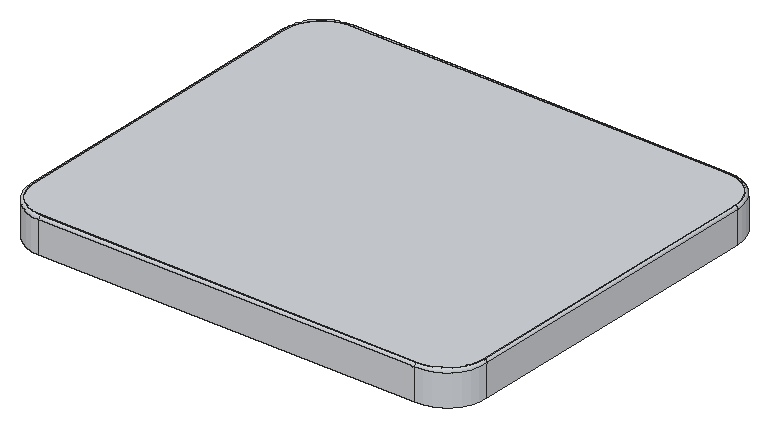
Revit family "F713-40x34.5x3", category Furniture Systems, Revit 2019
Family settings
  Round Connector Dimension = Use Diameter
  Part Type = Normal
  Work Plane-Based = No
  Always vertical = Yes
  Cut with Voids When Loaded = No
  Shared = No
  Room Calculation Point = No
Parameters
  URL = "https://fomcore.com/"
  Model = "F713-40x34.5x3"
  Manufacturer = "FOMCORE"
  Fabric = none
  Description = "Nest Series - Eagle's Egg Pad"
Reference planes (in)
  plane 1 "Center F/B": y = 0
  plane 2: z = 0
  plane 3 "Center L/R": x = 0
  plane 4: x = 20
  plane 5: x = -20
  plane 6: y = -17.25
  plane 7: y = 17.25
Forms (in)
  Sweep 1, solid, material <- "Fabric"
    path origin (0, 0, 2.75) x (1, 0, 0) y (0, 1, 0)
      loop
        line (16.5, 17.25) -> (-16.5, 17.25)
        arc (-16.5, 17.25) -> (-18.97487, 16.22487) -> (-20, 13.75) r 3.5
        line (-20, 13.75) -> (-20, -13.75)
        arc (-20, -13.75) -> (-18.97487, -16.22487) -> (-16.5, -17.25) r 3.5
        line (-16.5, -17.25) -> (16.5, -17.25)
        arc (16.5, -17.25) -> (18.97487, -16.22487) -> (20, -13.75) r 3.5
        line (20, -13.75) -> (20, 13.75)
        arc (20, 13.75) -> (18.97487, 16.22487) -> (16.5, 17.25) r 3.5
    profile origin (0, 17.25, 2.75) x (0, -1, 0) y (0, 0, 1)
      loop
        arc (0.25, 0.25) -> (0.07322, 0.17678) -> (0, 0) r 0.25
        line (0, 0) -> (0, -2.75) -> (0.25, -2.75) -> (0.25, 0.25)
  Extrusion 2, solid, material <- "Fabric"
    sketch origin (0, 0, 0) x (1, 0, 0) y (0, 1, 0)
      loop
        arc (-16.5, 17) -> (-18.7981, 16.0481) -> (-19.75, 13.75) r 3.25
        line (-19.75, 13.75) -> (-19.75, -13.75)
        arc (-19.75, -13.75) -> (-18.7981, -16.0481) -> (-16.5, -17) r 3.25
        line (-16.5, -17) -> (16.5, -17)
        arc (16.5, -17) -> (18.7981, -16.0481) -> (19.75, -13.75) r 3.25
        line (19.75, -13.75) -> (19.75, 13.75)
        arc (19.75, 13.75) -> (18.7981, 16.0481) -> (16.5, 17) r 3.25
        line (16.5, 17) -> (-16.5, 17)
    from 0 to 3
Dimensions and locks (in)
  plane 5 to plane 4 = 3' - 4"
  plane 6 to plane 7 = 2' - 10 1/2"
  aligned and locked: level to plane 2
  aligned and locked: Extrusion 2 to Sweep 1
